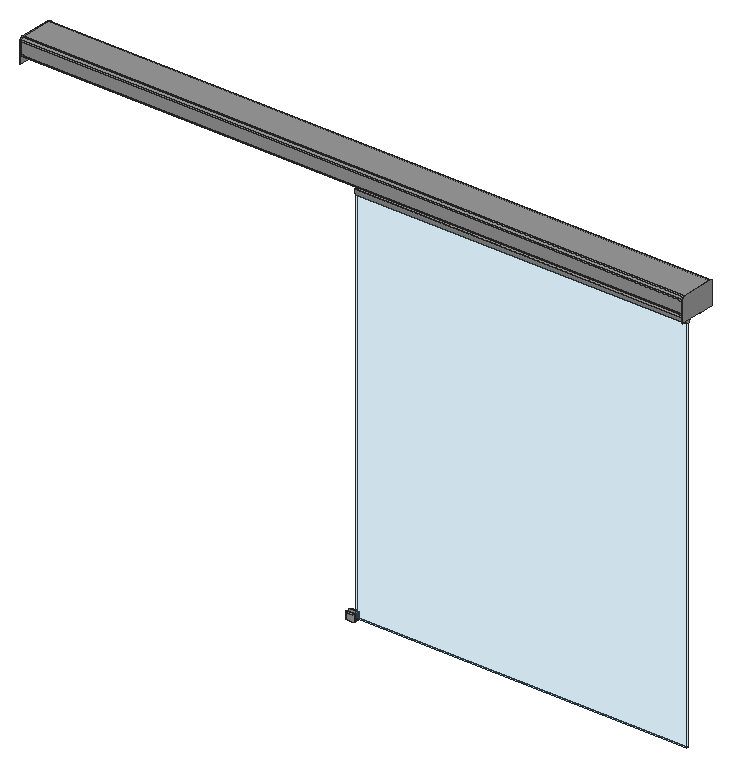
Revit family "MC_Puerta Deslizante 1 Hoja", category Doors, Revit 2017
Family settings
  OmniClass Number = 23.30.10.00
  OmniClass Title = Doors
  Always vertical = Yes
  Cut with Voids When Loaded = No
  Shared = No
  Room Calculation Point = No
Parameters
  Vidrio = Glass
  URL = "http://www.automatics.cl/"
  Tope de Puerta = Stainless Steel AISI 304
  Tipo = "Deslizante"
  Thickness = 40.00 mm
  Riel = Stainless Steel AISI 304
  Model = "Deslizante 1 Hoja"
  Manufacturer = "G-U"
  Function = Exterior
  Espesor Vidrio = 11.00 mm
  Description = "Deslizante 1 Hoja"
  Contacto Teléfono = "56 9 9789 7122"
  Contacto Nombre = "Carlos Leiva"
  Contacto Correo = "Carlos.Leiva@g-u.cl"
  Cobertor riel = Stainless Steel AISI 304
  Ancho Puerta [instance] = 1828.80 mm
  Ancho Bastidor = 100.00 mm
  Analytic Construction = "<None>"
Reference planes
  plane 1 "Center (Front/Back)": y = 0
  plane 2: z = 0
  plane 3 "Center (Left/Right)": x = 82.523
  plane 4: x = -831.877
  plane 5: x = 996.923
  plane 6 "Top": z = 2133.6
  plane 7: y = -20
  plane 8: x = -2660.677
  plane 9: y = 40
Forms (mm)
  Extrusion 1, solid, material "Stainless Steel AISI 304" <- "Riel"
    sketch origin (0, -75, -866.4) x (0, 1, 0) y (0, 0, 1)
      loop
        arc (100, 3013) -> (101.763, 2997.845) -> (105.29, 2983) r 130
        line (105.29, 2983) -> (124.71, 2983)
        arc (124.71, 2983) -> (128.237, 2997.845) -> (130, 3013) r 130
        line (130, 3013) -> (100, 3013)
    from -831.877 to 996.923
  Extrusion 2, solid, material "Stainless Steel AISI 304" <- "Riel"
    sketch origin (0, -75, -866.4) x (0, 1, 0) y (0, 0, 1)
      loop
        line (132.74, 3013) -> (132.74, 3054) -> (104, 3054) -> (104, 3043) -> (107, 3043) -> (107, 3051) -> (129.74, 3051) -> (129.74, 3016) -> (96.74, 3016) -> (96.74, 3013) -> (132.74, 3013)
    from -831.877 to 996.923
  Extrusion 3, solid, material "Glass" <- "Vidrio"
    sketch origin (82.523, 0, 0) x (0, 1, 0) y (0, 0, 1)
      loop
        line (45.5, 2116.6) -> (34.5, 2116.6) -> (34.5, 15) -> (45.5, 15) -> (45.5, 2116.6)
    from -914.4 to 914.4
Lines and regions (mm)
  symbolic lines, style "Doors"
    curve 1: line (-2660.677, 45.5, 0) -> (-831.877, 45.5, 0)
    curve 2: line (-2660.677, 34.5, 0) -> (-2660.677, 45.5, 0)
    curve 3: line (-831.877, 34.5, 0) -> (-2660.677, 34.5, 0)
    curve 7: line (-831.877, 45.5, 0) -> (-831.877, 34.5, 0)
    curve 8: arc (-833.812, 53.27, 0) -> (-856.877, 57.5, 0) -> (-879.941, 53.27, 0) r 65
    curve 9: arc (-879.941, 53.27, 0) -> (-881.346, 52.169, 0) -> (-881.877, 50.466, 0) r 3
    curve 10: line (-881.877, 50.466, 0) -> (-881.877, 45.5, 0)
    curve 11: arc (-831.877, 50.466, 0) -> (-832.408, 52.169, 0) -> (-833.812, 53.27, 0) r 3
    curve 12: line (-831.877, 29.534, 0) -> (-831.877, 50.466, 0)
    curve 13: arc (-881.877, 29.534, 0) -> (-881.346, 27.831, 0) -> (-879.941, 26.73, 0) r 3
    curve 14: arc (-879.941, 26.73, 0) -> (-856.877, 22.5, 0) -> (-833.812, 26.73, 0) r 65
    curve 15: arc (-833.812, 26.73, 0) -> (-832.408, 27.831, 0) -> (-831.877, 29.534, 0) r 3
    curve 16: line (-881.877, 34.5, 0) -> (-881.877, 29.534, 0)
    curve 17: line (-881.877, 32.5, 0) -> (-831.877, 32.5, 0)
    curve 18: line (-831.877, 47.5, 0) -> (-881.877, 47.5, 0)
  symbolic lines, style "Elevation Swing"
    curve 4: line (-831.877, 95.5, 0) -> (-931.877, 95.5, 0)
    curve 5: line (-931.877, 95.5, 0) -> (-905.896, 110.5, 0)
    curve 6: line (-931.877, 95.5, 0) -> (-905.896, 80.5, 0)
    curve 19: line (996.923, 0, 0) -> (-2660.677, 0, 0)
    curve 20: line (996.923, 202, 0) -> (996.923, 0, 0)
    curve 21: line (-2660.677, 202, 0) -> (996.923, 202, 0)
    curve 22: line (-2660.677, 0, 0) -> (-2660.677, 202, 0)
Text (mm)
  text "Exterior" at (-1161.5, 797.241, 0), in view "Ref. Level"
Dimensions and locks
  equal spacing: plane 4, plane 3 "Center (Left/Right)", plane 5
  "Ancho Puerta": plane 8 to plane 4
  equal spacing: Extrusion 3, plane 9, Extrusion 3
  "Espesor Vidrio": Extrusion 3 to Extrusion 3
  locked: plane 9 to plane 1 "Center (Front/Back)" at 40
  equal spacing: curve 3, plane 9, curve 1
  curve 3 to curve 1 = 11.00 mm
  locked: plane 1 "Center (Front/Back)" to curve 21 at 202
  aligned and locked: level to plane 2
  aligned and locked: plane 6 "Top" to nested 2
  aligned and locked: Extrusion 3 to plane 5
  aligned and locked: plane 4 to Extrusion 3
  aligned and locked: plane 5 to nested 2
  aligned and locked: Extrusion 2 to plane 5
  aligned and locked: Extrusion 1 to plane 5
  aligned and locked: plane 4 to Extrusion 1
  aligned and locked: plane 4 to Extrusion 2
  aligned and locked: nested 2 to plane 8
  aligned and locked: nested 1 to plane 4
  aligned and locked: nested 2 to plane 1 "Center (Front/Back)"
  aligned and locked: plane 9 to nested 1
  aligned and locked: plane 8 to curve 2
Automatic sketch dimensions
  Extrusion 1 sketch curve to Extrusion 1 sketch curve = 99.788 mm  (x2)
  Extrusion 1 sketch curve to Extrusion 1 sketch curve = 5.29 mm
  Extrusion 1 sketch curve to Extrusion 1 sketch curve = 19.42 mm
  Extrusion 1 sketch curve to Extrusion 1 sketch curve = 30.00 mm  (x2)
  plane 6 "Top" to Extrusion 1 sketch curve = 17.00 mm
  Extrusion 2 sketch curve to Extrusion 2 sketch curve = 7.26 mm
  Extrusion 2 sketch curve to Extrusion 2 sketch curve = 3.00 mm  (x4)
  Extrusion 2 sketch curve to Extrusion 2 sketch curve = 22.74 mm
  Extrusion 2 sketch curve to plane 6 "Top" = 13.00 mm
  Extrusion 2 sketch curve to Extrusion 2 sketch curve = 27.00 mm
  Extrusion 2 sketch curve to Extrusion 2 sketch curve = 8.00 mm
  plane 7 to Extrusion 1 sketch curve = 54.788 mm
  Extrusion 2 sketch curve to plane 1 "Center (Front/Back)" = 21.74 mm
  plane 9 to Extrusion 3 sketch curve = 5.50 mm
  Extrusion 3 sketch curve to plane 9 = 5.50 mm
  level to Extrusion 3 sketch curve = 15.00 mm
  plane 6 "Top" to Extrusion 3 sketch curve = 17.00 mm
  curve 15 to plane 4 = 0.00 mm
  curve 7 to plane 4 = 0.00 mm
  curve 4 to plane 4 = 0.00 mm
  curve 5 to curve 4 = 100.00 mm
  plane 9 to curve 16 = 10.466 mm
  plane 4 to curve 16 = 50.00 mm
  curve 10 to curve 16 = 0.00 mm
  curve 9 to curve 9 = 3.00 mm
  curve 13 to curve 13 = 3.00 mm
  plane 4 to curve 14 = 25.00 mm
  plane 1 "Center (Front/Back)" to curve 8 = 7.50 mm
  plane 4 to curve 8 = 25.00 mm
  plane 4 to curve 11 = 3.00 mm
  plane 4 to curve 15 = 3.00 mm
  curve 15 to curve 3 = 4.966 mm
  curve 10 to curve 9 = 4.966 mm
  curve 1 to curve 11 = 4.966 mm
  curve 9 to curve 14 = 34.23 mm
  curve 6 to plane 9 = 55.50 mm
  curve 4 to curve 5 = 25.981 mm
  curve 4 to curve 6 = 25.981 mm
  curve 14 to curve 13 = 0.00 mm
  curve 8 to curve 9 = 0.00 mm
  curve 17 to curve 16 = 2.00 mm
  curve 10 to curve 18 = 2.00 mm
  curve 6 to curve 4 = 15.00 mm
  curve 4 to curve 5 = 15.00 mm
  curve 22 to plane 1 "Center (Front/Back)" = 0.00 mm
  curve 22 to plane 8 = 0.00 mm
  curve 21 to plane 5 = 0.00 mm
Nested families
  nested 1: "Tope" at (-856.877, 40, 0), type "Tope"
  nested 2: "Perfil Aluminio Deslizante" at (-831.877, 0, 2133.6) x (-1, 0, 0) z (0, 0, 1), type "Perfil Aluminio Deslizante"
    with Ancho 3657.60 mm
Definition of nested family "Tope"
  Parameters (values of type "Tope")
    Tope = none
  Reference planes
    plane 1 "Center (Front/Back)": y = 0
    plane 2: z = 0
    plane 3 "Center (Left/Right)": x = 0
  Forms (mm)
    Extrusion 1, solid, material <- "Tope"
      sketch origin (0, 0, 0) x (1, 0, 0) y (0, 1, 0)
        loop
          line (-25, 10.466) -> (-25, -10.466)
          arc (-25, -10.466) -> (-24.469, -12.169) -> (-23.065, -13.27) r 3
          arc (-23.065, -13.27) -> (0, -17.5) -> (23.065, -13.27) r 65
          arc (23.065, -13.27) -> (24.469, -12.169) -> (25, -10.466) r 3
          line (25, -10.466) -> (25, 10.466)
          arc (25, 10.466) -> (24.469, 12.169) -> (23.065, 13.27) r 3
          arc (23.065, 13.27) -> (0, 17.5) -> (-23.065, 13.27) r 65
          arc (-23.065, 13.27) -> (-24.469, 12.169) -> (-25, 10.466) r 3
      from 0 to 40
    Sweep 2, void
      path origin (0, 0, 0) x (1, 0, 0) y (0, 1, 0)
        loop
          line (-25, 10.466) -> (-25, -10.466)
          arc (-25, -10.466) -> (-24.469, -12.169) -> (-23.065, -13.27) r 3
          arc (-23.065, -13.27) -> (0, -17.5) -> (23.065, -13.27) r 65
          arc (23.065, -13.27) -> (24.469, -12.169) -> (25, -10.466) r 3
          line (25, -10.466) -> (25, 10.466)
          arc (25, 10.466) -> (24.469, 12.169) -> (23.065, 13.27) r 3
          arc (23.065, 13.27) -> (0, 17.5) -> (-23.065, 13.27) r 65
          arc (-23.065, 13.27) -> (-24.469, 12.169) -> (-25, 10.466) r 3
      profile origin (-25, 0, 0) x (1, 0, 0) y (0, 0, 1)
        loop
          line (2, 40) -> (2, 45) -> (-5, 45) -> (-5, 37) -> (0, 37)
          arc (0, 37) -> (0.643, 38.738) -> (2, 40) r 4
    Extrusion 3, void
      sketch origin (0, 0, 0) x (1, 0, 0) y (0, 1, 0)
        loop
          line (-25, 7.5) -> (-25, -7.5) -> (25, -7.5) -> (25, 7.5) -> (-25, 7.5)
      from 5 to 40
  Cuts and joins
    Sweep 2, Extrusion 3 cuts Extrusion 1
  Dimensions and locks
    aligned and locked: level to plane 2
Definition of nested family "Perfil Aluminio Deslizante"
  Parameters (values of type "Perfil Aluminio Deslizante")
    Perfil Aluminio = none
    Ancho [instance] = 1600.00 mm
  Reference planes
    plane 1 "Center (Front/Back)": y = 0
    plane 2: z = 0
    plane 3 "Center (Left/Right)": x = 0
    plane 4: x = -800
    plane 5: x = 800
  Forms (mm)
    Extrusion 1, solid, material <- "Perfil Aluminio"
      sketch origin (0, 0, 0) x (0, 1, 0) y (0, 0, 1)
        loop
          line (-43, 40) -> (-43, 48) -> (-35, 48) -> (-35, 40) -> (-8, 40)
          arc (-8, 40) -> (-2.343, 42.343) -> (0, 48) r 8
          line (0, 48) -> (0, 111.686)
          arc (0, 111.686) -> (-0.609, 114.748) -> (-2.343, 117.343) r 8
          line (-2.343, 117.343) -> (-12.657, 127.657)
          arc (-12.657, 127.657) -> (-15.252, 129.391) -> (-18.314, 130) r 8
          line (-18.314, 130) -> (-194, 130)
          arc (-194, 130) -> (-199.657, 127.657) -> (-202, 122) r 8
          line (-202, 122) -> (-202, 5)
          arc (-202, 5) -> (-200.536, 1.464) -> (-197, 0) r 5
          line (-197, 0) -> (-124.002, 0) -> (-119.002, 5) -> (-112, 5) -> (-107, 0) -> (-77, 0) -> (-77, 3) -> (-105.757, 3) -> (-110.757, 8) -> (-120.245, 8) -> (-125.245, 3) -> (-194, 3)
          arc (-194, 3) -> (-197.536, 4.464) -> (-199, 8) r 5
          line (-199, 8) -> (-199, 122)
          arc (-199, 122) -> (-197.536, 125.536) -> (-194, 127) r 5
          line (-194, 127) -> (-18.314, 127)
          arc (-18.314, 127) -> (-16.4, 126.619) -> (-14.778, 125.536) r 5
          line (-14.778, 125.536) -> (-4.464, 115.222)
          arc (-4.464, 115.222) -> (-3.381, 113.6) -> (-3, 111.686) r 5
          line (-3, 111.686) -> (-3, 48)
          arc (-3, 48) -> (-4.464, 44.464) -> (-8, 43) r 5
          line (-8, 43) -> (-32, 43) -> (-32, 51) -> (-46, 51) -> (-46, 40) -> (-43, 40)
      from -800 to 800
    Extrusion 2, solid, material <- "Perfil Aluminio"
      sketch origin (800, 656.453, 1200) x (0, 1, 0) y (0, 0, 1)
        loop
          arc (-656.453, -1088.314) -> (-657.062, -1085.252) -> (-658.797, -1082.657) r 8
          line (-658.797, -1082.657) -> (-669.11, -1072.343)
          arc (-669.11, -1072.343) -> (-671.706, -1070.609) -> (-674.767, -1070) r 8
          line (-674.767, -1070) -> (-850.453, -1070)
          arc (-850.453, -1070) -> (-856.11, -1072.343) -> (-858.453, -1078) r 8
          line (-858.453, -1078) -> (-858.453, -1195)
          arc (-858.453, -1195) -> (-856.989, -1198.536) -> (-853.453, -1200) r 5
          line (-853.453, -1200) -> (-780.456, -1200) -> (-775.456, -1195) -> (-768.453, -1195) -> (-763.453, -1200) -> (-661.453, -1200)
          arc (-661.453, -1200) -> (-657.918, -1198.536) -> (-656.453, -1195) r 5
          line (-656.453, -1195) -> (-656.453, -1088.314)
      from 0 to 3
    Extrusion 3, solid, material <- "Perfil Aluminio"
      sketch origin (-800, 656.453, 1200) x (0, 1, 0) y (0, 0, 1)
        loop
          arc (-656.453, -1088.314) -> (-657.062, -1085.252) -> (-658.797, -1082.657) r 8
          line (-658.797, -1082.657) -> (-669.11, -1072.343)
          arc (-669.11, -1072.343) -> (-671.706, -1070.609) -> (-674.767, -1070) r 8
          line (-674.767, -1070) -> (-850.453, -1070)
          arc (-850.453, -1070) -> (-856.11, -1072.343) -> (-858.453, -1078) r 8
          line (-858.453, -1078) -> (-858.453, -1195)
          arc (-858.453, -1195) -> (-856.989, -1198.536) -> (-853.453, -1200) r 5
          line (-853.453, -1200) -> (-780.456, -1200) -> (-775.456, -1195) -> (-768.453, -1195) -> (-763.453, -1200) -> (-661.453, -1200)
          arc (-661.453, -1200) -> (-657.918, -1198.536) -> (-656.453, -1195) r 5
          line (-656.453, -1195) -> (-656.453, -1088.314)
      from 0 to -3
  Dimensions and locks
    equal spacing: plane 4, plane 3 "Center (Left/Right)", plane 5
    "Ancho": plane 4 to plane 5
    aligned and locked: level to plane 2
    aligned and locked: Extrusion 1 to plane 4
    aligned and locked: plane 5 to Extrusion 1
  Automatic sketch dimensions
    Extrusion 1 sketch curve to Extrusion 1 sketch curve = 0.00 mm  (x9)
    Extrusion 1 sketch curve to level = 0.00 mm  (x2)
    Extrusion 1 sketch curve to plane 1 "Center (Front/Back)" = 0.00 mm
    plane 1 "Center (Front/Back)" to Extrusion 1 sketch curve = 2.343 mm
    plane 1 "Center (Front/Back)" to Extrusion 1 sketch curve = 3.00 mm
    Extrusion 1 sketch curve to Extrusion 1 sketch curve = 2.121 mm  (x2)
    plane 1 "Center (Front/Back)" to Extrusion 1 sketch curve = 8.00 mm
    Extrusion 1 sketch curve to Extrusion 1 sketch curve = 5.00 mm  (x4)
    plane 1 "Center (Front/Back)" to Extrusion 1 sketch curve = 12.657 mm
    Extrusion 1 sketch curve to Extrusion 1 sketch curve = 3.536 mm
    Extrusion 1 sketch curve to Extrusion 1 sketch curve = 24.00 mm
    Extrusion 1 sketch curve to Extrusion 1 sketch curve = 3.00 mm  (x6)
    Extrusion 1 sketch curve to Extrusion 1 sketch curve = 8.00 mm  (x2)
    Extrusion 1 sketch curve to Extrusion 1 sketch curve = 31.00 mm
    level to Extrusion 1 sketch curve = 3.00 mm  (x2)
    Extrusion 1 sketch curve to Extrusion 1 sketch curve = 28.757 mm
    Extrusion 1 sketch curve to Extrusion 1 sketch curve = 1.243 mm  (x4)
    Extrusion 1 sketch curve to Extrusion 1 sketch curve = 7.002 mm
    level to Extrusion 1 sketch curve = 8.00 mm  (x2)
    Extrusion 1 sketch curve to Extrusion 1 sketch curve = 73.755 mm
    Extrusion 1 sketch curve to Extrusion 1 sketch curve = 68.755 mm
    level to Extrusion 1 sketch curve = 40.00 mm
    Extrusion 1 sketch curve to Extrusion 1 sketch curve = 63.686 mm
    Extrusion 1 sketch curve to Extrusion 1 sketch curve = 114.00 mm
    Extrusion 2 sketch curve to level = 0.00 mm  (x2)
    Extrusion 2 sketch curve to plane 1 "Center (Front/Back)" = 0.00 mm
    plane 1 "Center (Front/Back)" to Extrusion 2 sketch curve = 2.343 mm
    plane 1 "Center (Front/Back)" to Extrusion 2 sketch curve = 5.00 mm
    Extrusion 2 sketch curve to Extrusion 2 sketch curve = 5.657 mm  (x2)
    plane 1 "Center (Front/Back)" to Extrusion 2 sketch curve = 12.657 mm
    Extrusion 2 sketch curve to Extrusion 2 sketch curve = 102.00 mm
    Extrusion 2 sketch curve to Extrusion 2 sketch curve = 5.00 mm  (x2)
    Extrusion 2 sketch curve to Extrusion 2 sketch curve = 7.002 mm
    Extrusion 2 sketch curve to Extrusion 2 sketch curve = 74.998 mm
    Extrusion 2 sketch curve to Extrusion 2 sketch curve = 72.998 mm
    Extrusion 2 sketch curve to Extrusion 2 sketch curve = 8.00 mm
    level to Extrusion 2 sketch curve = 5.00 mm
    Extrusion 2 sketch curve to Extrusion 2 sketch curve = 106.686 mm
    Extrusion 2 sketch curve to Extrusion 2 sketch curve = 10.314 mm
    Extrusion 2 sketch curve to Extrusion 2 sketch curve = 117.00 mm
    Extrusion 3 sketch curve to level = 0.00 mm  (x2)
    Extrusion 3 sketch curve to plane 1 "Center (Front/Back)" = 0.00 mm
    plane 1 "Center (Front/Back)" to Extrusion 3 sketch curve = 2.343 mm
    plane 1 "Center (Front/Back)" to Extrusion 3 sketch curve = 5.00 mm
    Extrusion 3 sketch curve to Extrusion 3 sketch curve = 5.657 mm  (x2)
    plane 1 "Center (Front/Back)" to Extrusion 3 sketch curve = 12.657 mm
    Extrusion 3 sketch curve to Extrusion 3 sketch curve = 102.00 mm
    Extrusion 3 sketch curve to Extrusion 3 sketch curve = 5.00 mm  (x2)
    Extrusion 3 sketch curve to Extrusion 3 sketch curve = 7.002 mm
    Extrusion 3 sketch curve to Extrusion 3 sketch curve = 74.998 mm
    Extrusion 3 sketch curve to Extrusion 3 sketch curve = 72.998 mm
    Extrusion 3 sketch curve to Extrusion 3 sketch curve = 8.00 mm
    level to Extrusion 3 sketch curve = 5.00 mm
    Extrusion 3 sketch curve to Extrusion 3 sketch curve = 106.686 mm
    Extrusion 3 sketch curve to Extrusion 3 sketch curve = 10.314 mm
    Extrusion 3 sketch curve to Extrusion 3 sketch curve = 117.00 mm
